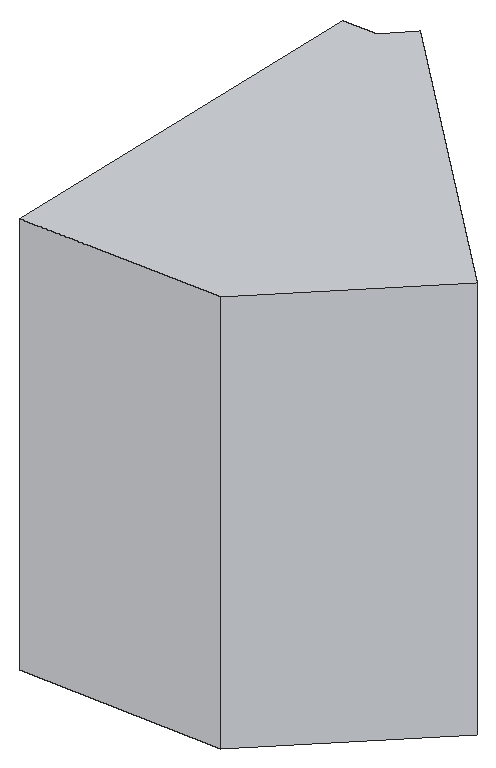
Revit family "193776aa4ef044fc94b53d5baa366eef", category Raccords de gaine, Revit 2023
Family settings
  Cote de connecteur circulaire = Utiliser le diamètre
  Type d'élément = Coude
  Numéro OmniClass = 23.75.70.14
  Titre OmniClass = Air Ductwork
  Rechercher l'ID de l'élément = Rectangular Elbow - Mitered-0000-CAN-ENU
  Basée sur le plan de construction = Non
  Toujours verticalement = Oui
  Couper avec des vides une fois chargée = Non
  Partagée = Non
Parameters (values of type "Standard")
  Elévation par défaut = 0 mm
  Largeur de la gaine [instance] = 300 mm
  Accotement = 25 mm
  Longueur de la gaine 1 [instance] = tan(Angle / 2) * Largeur de la gaine / 2 + Accotement  # 87.132 mm
  Hauteur de la gaine [instance] = 300 mm
  Angle [instance] = 45.00°
Reference planes
  plane 1 "Centre (avant/arrière)": y = 0
  plane 2: z = 0
  plane 3 "Centre (gauche/droite)": x = 0
  plane 4: x = -87.132
Forms (mm)
  Sweep 1, solid, detail levels medium+fine
    path in 3D
      loop
        line (-87.132, 0, 0) -> (0, 0, 0) -> (61.612, 61.612, 0)
    profile "M_Gaine - Rectangulaire : Gaine - Rectangulaire" origin (-43.566, 0, 0) x (0, 1, 0) y (0, 0, 1)
      loop
        line (-150, 150) -> (-150, -150) -> (150, -150) -> (150, 150) -> (-150, 150)
Lines and regions (mm)
  reference lines
    curve 1: line (-87.132, 0, 0) -> (0, 0, 0)
  model lines, style "DuctFitting", detail levels coarse
    curve 2: line (0, 0, 0) -> (61.612, 61.612, 0)
    curve 5: line (-87.132, 0, 0) -> (0, 0, 0)
  sketch lines
    curve 3: line (-87.132, 0, 0) -> (0, 0, 0)
    curve 4: line (0, 0, 0) -> (61.612, 61.612, 0)
Dimensions and locks
  "Longueur de la gaine 1": plane 4 to plane 3 "Centre (gauche/droite)"
  "Longueur de la gaine 1": curve 2 to curve 2
  "Angle": angle plane 1 "Centre (avant/arrière)" to curve 2
  aligned and locked: plane 1 "Centre (avant/arrière)" to curve 1
  aligned and locked: plane 3 "Centre (gauche/droite)" to curve 1
  aligned and locked: plane 4 to curve 1
  aligned and locked: curve 5 to curve 1
Automatic sketch dimensions
  curve 5 to plane 4 = 0 mm
  curve 5 to plane 3 "Centre (gauche/droite)" = 0 mm
Connectors
  hvac at (-87.132, 0, 0), driven by "Hauteur de la gaine", driven by "Largeur de la gaine", driven by "Angle"
    settings: on Sweep 1, index 1, duct flow 0.0 L/s, flow factor 0, pres drop 0.0 Pa, loss coef 0, conn angle 45.00°, conn width 300 mm, conn height 300 mm, conn diameter 609.6 mm, duct sys type 28, conn prof type 1, flow config 0, flow direction 0, loss method 0, conn ref index 2, conn util no, is conn primary yes, conn desc ""
  hvac at (61.612, 61.612, 0), driven by "Hauteur de la gaine", driven by "Largeur de la gaine", driven by "Angle"
    settings: on Sweep 1, index 2, duct flow 0.0 L/s, flow factor 0, pres drop 0.0 Pa, loss coef 0, conn angle 45.00°, conn width 300 mm, conn height 300 mm, conn diameter 609.6 mm, duct sys type 28, conn prof type 1, flow config 0, flow direction 0, loss method 0, conn ref index 1, conn util no, is conn primary no, conn desc ""
